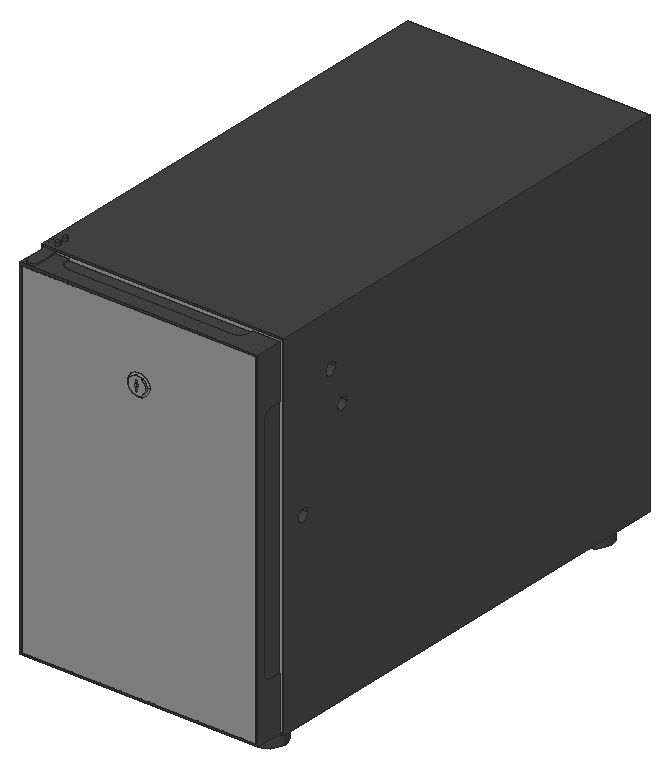
Revit family "Franke_Refrigeration_side_unit_KE200_EC-A200_MS_EC(USA)", category Specialty Equipment, Revit 2015
Parameters (values of type "Refrigeration side unit  KE200 EC-A200 MS EC(110V/USA)")
  Volts max. = 0 V
  URL = "https://www.franke.com/main/en/cs/products/product-search.html"
  Depth (mm) = 453 mm
  Temperature range = "+ 3°C to + 8°C"
  Volts min. = 110 V
  Max Overcurrent Protection = "1.5 A"
  Cycle Alternative = 0 Hz
  Cycle = 60 Hz
  Model = "410862 - Refrigeration side unit KE200 EC - A200 MS EC"
  Milk storage = "4 l"
  Watts = 0 W
  Cost = 0
  Height (mm) = 337 mm
  Manufacturer = "Franke"
  Energy loss acc. to DIN 18873 = "0.460 kWh/24 h - 230 V"
  Width (mm) = 225 mm
  Description = "Refrigeration side unit for storage of cooled milk"
  Assembly Code = "Refrigeration side unit"
  Keynote = "Refrigeration side unit"
  Weight = "13 kg"
  Number of Poles = 1
  Number of Protective Conductors = "1"
  Number of Nutral Conductors = "1"
Reference planes
  plane 1 "Mitte (Vorne/Hinten)": y = 0
  plane 2: z = 0
  plane 3 "Mitte (Links/Rechts)": x = 0
Forms (mm)
  Extrusion 1, solid, material "Franke Black"
    sketch origin (0, 0, 0) x (0, 1, 0) y (0, 0, 1)
      loop
        line (212.3, 356) -> (-212.3, 356) -> (-212.3, 26) -> (212.3, 26) -> (212.3, 356)
    from -112.5 to 112.5
  Extrusion 2, solid, material "Franke Chrome"
    sketch origin (0, 0, 0) x (1, 0, 0) y (0, 0, 1)
      loop
        circle (0, 290.954) r 8
      loop
        arc (1, 294.954) -> (0.707, 295.662) -> (0, 295.954) r 1
        arc (0, 295.954) -> (-0.707, 295.662) -> (-1, 294.954) r 1
        line (-1, 294.954) -> (-1, 292.687)
        arc (-1, 292.687) -> (-2, 290.954) -> (-1, 289.222) r 2
        line (-1, 289.222) -> (-1, 286.954)
        arc (-1, 286.954) -> (-0.707, 286.247) -> (0, 285.954) r 1
        arc (0, 285.954) -> (0.707, 286.247) -> (1, 286.954) r 1
        line (1, 286.954) -> (1, 289.222)
        arc (1, 289.222) -> (2, 290.954) -> (1, 292.687) r 2
        line (1, 292.687) -> (1, 294.954)
    from 240.3 to 242.3
  Blend 3, solid, material "Franke Chrome"
    base sketch origin (0, 0, 0) x (1, 0, 0) y (0, 0, 1)
      loop
        circle (0, 290.954) r 10
    top sketch origin (0, 0, 0) x (1, 0, 0) y (0, 0, 1)
      loop
        circle (0, 290.954) r 8
    from 240.3 to 241.3
  Extrusion 4, solid, material "Franke Black"
    sketch origin (0, 0, 0) x (1, 0, 0) y (0, 0, 1)
      loop
        line (-105.863, 349.363) -> (-105.863, 32.637) -> (105.863, 32.637) -> (105.863, 349.363) -> (-105.863, 349.363)
    from 212.3 to 214.3
  Extrusion 5, solid, material "Franke Black"
    sketch origin (0, 0, 0) x (1, 0, 0) y (0, 1, 0)
      loop
        circle (-77.5, -185.7) r 10
      loop
        circle (-77.5, 193.3) r 10
      loop
        circle (77.5, -185.7) r 10
      loop
        circle (77.5, 193.3) r 10
    from 19 to 26
  Revolve 6, solid, material "Franke Black"
    sketch origin (-77.5, 0, 19) x (0, 1, 0) y (0, 0, 1)
      loop
        line (212.3, 252) -> (225.9, 252) -> (225.9, 262.5)
        arc (225.9, 262.5) -> (225.314, 263.914) -> (223.9, 264.5) r 2
        line (223.9, 264.5) -> (212.3, 264.5) -> (212.3, 252)
      axis (225.9, 252) -> (212.3, 252)
    angle from 0 to 360
  Extrusion 7, void
    sketch origin (0, 0, 19) x (0, 1, 0) y (0, 0, 1)
      loop
        circle (-158.312, 288.596) r 6
      loop
        circle (-144.81, 253.988) r 6
      loop
        circle (-190.311, 180.988) r 6
    from 102.5 to 127.226
  Extrusion 8, void
    sketch origin (0, 0, 19) x (1, 0, 0) y (0, 0, 1)
      loop
        line (60.953, 48.985) -> (60.953, 22.709) -> (92.574, 22.709) -> (92.574, 48.985) -> (60.953, 48.985)
    from -221.866 to -202.3
  Extrusion 9, solid, material "Franke Black"
    sketch origin (0, 0, 0) x (1, 0, 0) y (0, 1, 0)
      loop
        circle (-77.5, 193.3) r 15
      loop
        circle (77.5, 193.3) r 15
      loop
        circle (-77.5, -185.7) r 15
      loop
        circle (77.5, -185.7) r 15
    from 0 to 20
  Extrusion 10, solid, material "Franke Black"
    sketch origin (0, 0, 0) x (1, 0, 0) y (0, 0, 1)
      loop
        line (-110.5, 354) -> (-110.5, 28) -> (110.5, 28) -> (110.5, 354) -> (-110.5, 354)
      loop
        line (108.5, 352) -> (-108.5, 352) -> (-108.5, 30) -> (108.5, 30) -> (108.5, 352)
    from 214.3 to 240.3
  Extrusion 11, solid, material "Franke Stainless Steel"
    sketch origin (0, 0, 0) x (1, 0, 0) y (0, 0, 1)
      loop
        line (-108.5, 352) -> (-108.5, 30) -> (108.5, 30) -> (108.5, 352) -> (-108.5, 352)
      loop
        circle (0, 290.954) r 10
    from 214.3 to 240.3
  Extrusion 12, void
    sketch origin (0, 0, 0) x (0, 1, 0) y (0, 0, 1)
      loop
        line (-212.3, 78) -> (-212.3, 304) -> (-223.8, 304)
        arc (-223.8, 304) -> (-230.871, 301.071) -> (-233.8, 294) r 10
        line (-233.8, 294) -> (-233.8, 88)
        arc (-233.8, 88) -> (-230.871, 80.929) -> (-223.8, 78) r 10
        line (-223.8, 78) -> (-212.3, 78)
    from 109.5 to 123.031
  Extrusion 13, void
    sketch origin (0, 0, 0) x (0, 1, 0) y (0, 0, -1)
      loop
        line (-212.3, -78) -> (-223.8, -78)
        arc (-223.8, -78) -> (-230.871, -80.929) -> (-233.8, -88) r 10
        line (-233.8, -88) -> (-233.8, -294)
        arc (-233.8, -294) -> (-230.871, -301.071) -> (-223.8, -304) r 10
        line (-223.8, -304) -> (-212.3, -304) -> (-212.3, -78)
    from 109.5 to 123.031
  Extrusion 14, void
    sketch origin (0, 0, 0) x (1, 0, 0) y (0, 1, 0)
      loop
        line (-85.5, -212.3) -> (-85.5, -217.3)
        arc (-85.5, -217.3) -> (-82.571, -224.371) -> (-75.5, -227.3) r 10
        line (-75.5, -227.3) -> (75.5, -227.3)
        arc (75.5, -227.3) -> (82.571, -224.371) -> (85.5, -217.3) r 10
        line (85.5, -217.3) -> (85.5, -212.3) -> (-85.5, -212.3)
    from 353 to 371.405
  Extrusion 15, void
    sketch origin (0, 0, -342.405) x (0, -1, 0) y (1, 0, 0)
      loop
        line (212.3, -85.5) -> (217.3, -85.5)
        arc (217.3, -85.5) -> (224.371, -82.571) -> (227.3, -75.5) r 10
        line (227.3, -75.5) -> (227.3, 75.5)
        arc (227.3, 75.5) -> (224.371, 82.571) -> (217.3, 85.5) r 10
        line (217.3, 85.5) -> (212.3, 85.5) -> (212.3, -85.5)
    from 353 to 371.405
  Extrusion 16, void
    sketch origin (0, 0, 0) x (1, 0, 0) y (0, 0, 1)
      loop
        line (111.5, 355) -> (-111.5, 355) -> (-111.5, 27) -> (111.5, 27) -> (111.5, 355)
    from 199.527 to 273.235
  Extrusion 17, solid, material "Franke Plastic white"
    sketch origin (0, 0, 0) x (1, 0, 0) y (0, 0, 1)
      loop
        line (-111.5, 355) -> (-111.5, 27) -> (111.5, 27) -> (111.5, 355) -> (-111.5, 355)
    from 199.527 to 212.3
  Extrusion 18, solid, material "Franke Black"
    sketch origin (0, 0, 0) x (1, 0, 0) y (0, 1, 0)
      loop
        arc (-108.5, -233.3) -> (-103.5, -238.3) -> (-98.5, -233.3) r 5
        line (-98.5, -233.3) -> (-98.5, -212.3) -> (-108.5, -212.3) -> (-108.5, -233.3)
    from 354 to 355
  Extrusion 19, solid, material "Franke Black"
    sketch origin (0, 0, 0) x (1, 0, 0) y (0, 1, 0)
      loop
        circle (-103.5, -205.3) r 2
      loop
        circle (-103.5, -196.3) r 2
    from 356 to 358.5
  Extrusion 20, solid, material "Franke Black"
    sketch origin (0, 0, -327) x (0, -1, 0) y (1, 0, 0)
      loop
        arc (233.3, -108.5) -> (238.3, -103.5) -> (233.3, -98.5) r 5
        line (233.3, -98.5) -> (212.3, -98.5) -> (212.3, -108.5) -> (233.3, -108.5)
    from 354 to 355
  Extrusion 21, solid, material "Franke Black"
    sketch origin (0, 0, 0) x (1, 0, 0) y (0, 1, 0)
      loop
        circle (0, 174.198) r 2.5
    from 20 to 26
Cuts and joins
  Extrusion 7, Extrusion 8, Extrusion 16 cuts Extrusion 1
  Extrusion 12, Extrusion 13, Extrusion 14, Extrusion 15 cuts Extrusion 10
Dimensions and locks
  aligned and locked: level to plane 2
Connectors
  electrical at (0, 174.198, 20), driven by "Volts min.", driven by "Number of Poles"
    settings: on Extrusion 21, index 1, voltage 110 V, apparent load 0 VA, apparent load phase1 0 VA, apparent load phase2 0 VA, apparent load phase3 0 VA, power factor 1, load classification "Strom", number of poles 1, system type 31, power factor state 1, is connector primary yes, connector utility no, sub classification motor no, connector description ""
